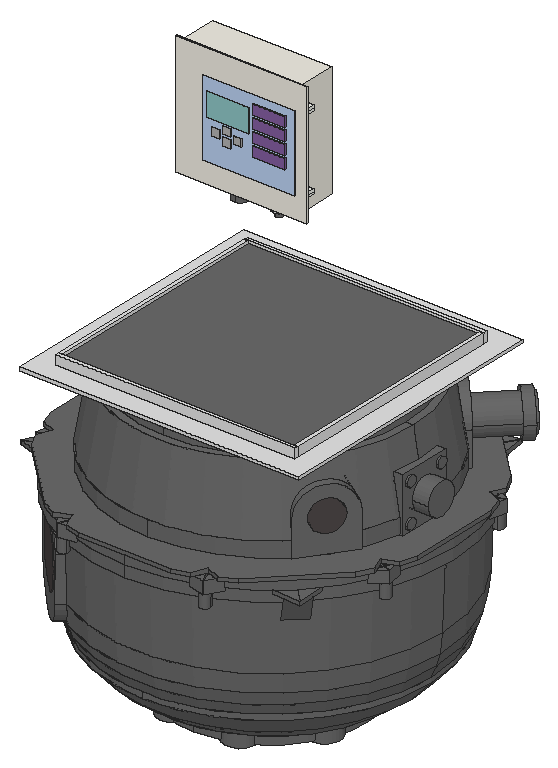
Revit family "280550sc (200)", category Generic Models, Revit 2021
Family settings
  Can host rebar = No
  Round Connector Dimension = Use Diameter
  Part Type = Normal
  Work Plane-Based = No
  Always vertical = Yes
  Cut with Voids When Loaded = No
  Shared = Yes
  Room Calculation Point = No
Parameters (values of type "280550SC")
  SUPPLIER = "KESSEL"
  SA700ID50 = "internal"
  SA700ID49 = "Protection Class I"
  SA700ID48 = "no"
  SA700ID47 = "no"
  SA700ID46 = "yes"
  SA700ID37 = 8000 mm
  SA700ID34 = 12
  SA700ID33 = 0.5 W
  SA700ID32 = 17.31 kg
  SA700ID31 = 1
  SA700ID30 = 1
  SA700ID29 = "RWDR"
  SA700ID21 = 800
  SA700ID10 = "No"
  SA700ID08 = 230 V
  PROCUREWEBLINK = "https://p.caden.as/kessel/280550SC"
  PROCURELINK = "p.caden.as/kessel/280550SC"
  PROCUREDATALASTUPDATE = "2024-05-22T12:17:24.891358475+01:00"
  PRC_SPECIFICATIONLINK = "https://ausschreiben.de/catalog/kessel/catalogItem/4eefd8ba-4729-4e1c-889c-9ef5064ee65a"
  NN = "Lifting station Aqualift S compact"
  NBSYN = "$SA810ID03. ($LODLEVEL.)"
  NB = "280550SC (200)"
  Model = "280550SC"
  Manufacturer = "KESSEL"
  MIdent = "{$CADENAS_DATA/23d-libs/kessel/kessel_vdi_import/4/entwaesserung/hebeanlage20aqualift20s20compact.prj},218 {STYP=ASS},{VTYP=3D},{NB=280550SC (200)},{LINA=280550SC},{NN=Lifting station Aqualift S compact},{DATE=21.11.2022 10:40:35},{GEOMDATE=21.11.2022 10:40:35},{VERSION=},{LINEID=140},{WBVAR=LODLEVEL},{WBNUMERIC=LODLEVEL}  {NB=280550SC (200)},{LINA=280550SC},{KT=DUMMY},{PREVIEW=../../bilder/ksb_w_280550sc.png},{SA700ID04=Hebeanlage Aqualift S Compact, Tronic, GTF 500, resistant, Bodenplatte},{SA810ID06=04026092082669},{SA700ID34=12.00},{SA010ID03=201805},{SA810ID03=280550SC},{SA810ID10=Die steckerfertige Hebeanlage für fäkalienfreies Abwasser ist mit einer überflutbaren Pumpe sowie einem Rückflussverhinderer ausgestattet. Der Sammelbehälter aus dauerhaft beständigem Kunststoff (PE) besitzt einen offenen Pumpenraum. Einhandverschlüsse ermöglichen die einfache Entnahme der integrierten Komponenten. Die Anlage zum Einbau in die Bodenplatte ist vormontiert zur bauseitigen Endmontage.Die Steuerung erfolgt durch ein anwenderfreundliches Schaltgerät, das optional über einen potentialfreien Kontakt in die Gebäudeleittechnik eingebunden werden oder Alarm- und Sammelstörmeldungen über eine GSM-Schnittstelle ausgeben kann.- mit teleskopischem Aufsatzstück für stufenlosen Höhen- und Niveauausgleich und integriertem Bodenablauf- Sammelbehälter aus PE, beständig gegen aggressive Abwässer und 3 m Grundwasser- inklusive Rückflussverhinderer für die Druckleitung- inklusive Stutzen für Zulauf und Kabelleerrohr- Pumpe mit Freistromrad für höchste BetriebssicherheitAusführung:Anlagenart: EinzelanlagePumpensteuerung: SchaltgerätRückflussverhinderer: integriertResistant: beständig gegen salzhaltige Medien, Abwasser aus Enthärtungsanlagen sowie kondensathaltiges Abwasser aus HeizungsanlagenAuslieferungszustand: installationsfertig (Verbindungsteile sind bauseits anzuschließen)Einbausituation: Einbau in die BodenplatteAbwasserart: fäkalienfreiAllgemeine Merkmale:Farbe: schwarzNorm: EN 12050-2Abmessungen:Länge: 617 mmBreite: 585 mmBehälter/Grundkörper:Zulauf Nennweite (DN): 100 mmDruckabgang (DN): 32 mmDruckabgang (DA): 40 mmEinbautiefe: 490 - 620 mmNutzvolumen: 20 lArt der Höhenverstellbarkeit: teleskopisches AufsatzstückAbdeckungsmerkmale:Abdeckungsart: Abdeckplatte mit SchlitzrostAbdeckung Material: KunststoffAbdeckung Farbe: schwarzBelastungsklasse: K 3 (EN 1253-1)Länge: 366 mmBreite: 366 mmVerriegelung: Lock & LiftFreier Kugeldurchgang: 10 mmFördereinrichtung:Pumpe: GTF 500Anzahl Pumpen: 1Förderleistung max.: 10 m3/hFörderhöhe max.: 8 mBetriebsspannung: 230 VNetzfrequenz: 50 HzBetriebsart: S1Leistung P1: 0,6 kWLeistung P2: 0,36 kWDrehzahl: 2.800 U/minErforderliche Absicherung (Leitungsschutz): C 16 AFörderguttemperatur (dauerhaft) max.: 40 °CAnschlusstyp: codierter SteckerLaufrad Typ: FreistromradLänge Netzanschlussleitung Pumpe: 5 mNennstrom: 2,7 ASchutzart Pumpe: IP 68 (3m)Typ Anschlussleitung Pumpe: H07RN-F 3G 1,0 mm2Temperaturüberwachung: integriertSteuerung:Schaltgerät: ComfortBetriebsspannung: 230 VSelbstdiagnosesystem (SDS): jaBatteriepufferung: jaMehrzeilige Displayanzeige: jaLogbuchfunktion: jaUSB-Schnittstelle: jaGSM-Schnittstelle: jaPotentialfreier Kontakt: optionalSchutzart Schaltgerät: IP 54Länge Netzanschlussleitung Schaltgerät: 1,4 mArt Niveauerfassung: pneumatischInstrument Niveauerfassung: TauchrohrAlarmgeber: optische Sonde},{SA700ID37=8.00},{SA700ID33=0.50},{SA700ID08=230},{SA700ID30=1},{SA700ID32=17.31},{SA700ID49=Schutzklasse I},{SA700ID50=intern},{SA200ID03=6},{SA250ID03=vertikal},{SA260ID03=Trockenläuferpumpe},{SA350ID03=normalansaugend},{SA400ID03=E-Motor für Wechselstrom},{SA460ID03=direkt},{SA500ID03=Kunststoff, Edelstahl},{SA700ID06=32},{SA700ID07=100},{SA700ID09=1/N/PE 230V },{SA700ID10=Nein},{SA700ID11=50},{SA700ID12=IP 68},{SA700ID13=F},{SA700ID15=35},{SA700ID21=800.00},{SA700ID22=0.36},{SA700ID23=2800},{SA700ID24=2800},{SA700ID26=2.50},{SA700ID27=6.90},{SA700ID28=durchgehend},{SA700ID29=RWDR},{SA700ID31=1},{SA700ID46=ja},{SA700ID47=nein},{SA700ID48=nein},{SA110ID04=Hebeanlage Aqualift S Compact},{SA300ID03=einstufig},{SA700ID44=10.00},{SA700ID45=10.00},{SA010ID04=KESSEL AG},{LODLEVEL=200},{LINK=https://www.kessel.de/info?han=280550SC},{SA970ID01=970},{SA970ID02=14062},{SA970ID03=280550SC},{SA970ID04=11002617},{SA970ID05=QUAD},{SA970ID06=-326},{SA970ID07=-291.04},{SA970ID08=0},{SA970ID09=1},{SA970ID10=0},{SA970ID11=0},{SA970ID12=0},{SA970ID13=1},{SA970ID14=0},{SA970ID15=617.04},{SA970ID16=582.09},{SA970ID17=488.5},{LODLEVEL_=200,'Low'},{LODLEVEL_DEU=200,'Low'},{LINK_=https://www.kessel.de/info?han=280550SC},{LINK_DEU=https://www.kessel.de/info?han=280550SC},{LODLEVEL_3DB=280550SC_200},{DNIN1=100},{DNIN2=125},{DNIN3=100},{DNIN4=100},{DNOUT1=70},{DNOUT2=32},{ISD1=60},{ISD2=10},{ISD3=10},{SA010ID01=010},{SA010ID02=4},{SA010ID06=www.kessel.de},{SA010ID07=www.kessel.de},{SA010ID12=20180713},{SA010ID13=DEU},{SA010ID14=DE},{SA100ID01=100},{SA100ID02=4},{SA100ID04=Entwässerung},{SA110ID01=110},{SA110ID02=30},{SA200ID01=200},{SA200ID02=6},{SA250ID01=250},{SA250ID02=2},{SA260ID01=260},{SA260ID02=2},{SA300ID01=300},{SA300ID02=1},{SA350ID01=350},{SA350ID02=1},{SA400ID01=400},{SA400ID02=1},{SA460ID01=460},{SA460ID02=1},{SA500ID01=500},{SA500ID02=1},{SA700ID01=700},{SA700ID02=195},{SA700ID10_=0},{SA700ID16=0},{SA700ID25=0},{SA700ID46_=1},{SA700ID47_=0},{SA700ID48_=0},{SA700ID49_=1},{SA700ID50_=2},{SA800ID01=800},{SA800ID02=10},{SA810ID01=810},{SA810ID02=195},{SA810ID04=280550SC},{SA810ID07=195},{SA810ID09=1},{SA810ID14=PCE},{SA810ID15=1},{SA810ID16=NMP},{SA960ID03=195},{SA960ID04=3L},{SA960ID08=https://www.kessel.de/info?han=280550SC},{SA010ID08=4026092000007},{SA100ID05=Hebeanlage},{SA110ID06=Hebeanlage}"
  LINK = "https://www.kessel.de/info?han=280550SC"
  LINA = "280550SC"
  Default Elevation = 0 mm
  CREATOR = "CADENAS GmbH"
  CATALOG = "KESSEL"
  BOMINFO = "LINA"
  ARTICLENO = "NB"
  4.810.00.9 Order quantity (multiplicator) = "1"
  4.810.00.7 Media- connection number = "195"
  4.810.00.6 GTIN number = "04026092082669"
  4.810.00.4 DATANORM number = "280550SC"
  4.810.00.3 Producer order number = "280550SC"
  4.710.03.7 Mass (net) = 17.31 kg
  4.710.03.6 Height = 490 mm
  4.710.03.5 Width = 580 mm
  4.710.03.4 Length = 620 mm
  4.710.03.3 Type of dimensions = "2"
  4.710.02.8 Area of application of wastewater pump = "2"
  4.710.02.6 Duty type = "S1"
  4.710.02.5 Cutting device = "0"
  4.710.02.4 Attached pump control = "1"
  4.710.02.3 Free passage = 10 mm
  4.710.01.6 Option to connect to building automation = "10"
  4.710.01.5 Load regulation = "0"
  4.710.01.4 Designation of closed-loop control = "20"
  4.700.00.9 Voltage = 0
  4.700.00.8 Nominal connection size on suction side = "100"
  4.700.00.7 Nominal connection size on pressure side = "100"
  4.700.00.6 Type of connection = "32"
  4.700.00.4 Product indentification = "Hebeanlage Aqualift S Compact, Tronic, GTF 500, resistant, Bodenplatte"
  4.700.00.28 Motor pump shaft = "durchgehend"
  4.700.00.27 Starting current = 6.9
  4.700.00.26 Maximum power consumption per pump / drive = 2.5
  4.700.00.25 Minimum speed at internal speed adjustment = 0
  4.700.00.24 Nominal speed / maximum speed n = 46.6667
  4.700.00.23 Nominal speed of motor = 46.6667
  4.700.00.22 Maximum shaft output (P2) per pump/drive = 0.36 W
  4.700.00.16 Maximum temperature of pumped medium = 0 °C
  4.700.00.15 Increased safety class = "35 °C"
  4.700.00.13 Type of protection = "F"
  4.700.00.12 Frequency = 0
  4.700.00.11 Stern-/Dreieck-Anlaufschaltung bei Dreiphasenanschluss oder Drehstrom = "50 Hz"
  4.700.00.10 Phase = "0"
  4.500.00.3 Variant / Variant type / Accessories-name = "Kunststoff, Edelstahl"
  4.460.00.3 Variant / Variant type / Accessories-name = "direkt"
  4.400.00.3 Variant / Variant type / Accessories-name = "E-Motor für Wechselstrom"
  4.350.00.3 Variant / Variant type / Accessories-name = "normalansaugend"
  4.300.00.3 Variant / Variant type / Accessories-name = "einstufig"
  4.260.00.3 Variant / Variant type / Accessories-name = "Trockenläuferpumpe"
  4.250.00.3 Variant / Variant type / Accessories-name = "vertikal"
  4.200.00.3 Variant / Variant type / Accessories-name = "6"
  4.110.00.6 Product classification = "Hebeanlage"
  4.110.00.4 Product indentification = "Hebeanlage Aqualift S Compact"
  4.100.00.5 Main groups of wares = "Hebeanlage"
  4.100.00.4 Product indentification = "Entwässerung"
  4.010.00.8 Producer ID number = "4026092000007"
  4.010.00.7 Comment = "www.kessel.de"
  4.010.00.6 Web address of the manufacturer = "www.kessel.de"
  4.010.00.4 Manufacturer name = "KESSEL AG"
  4.010.00.3 Date of issuance (month) of guideline = "201805"
  4.010.00.2 Sheet number of the guideline = "4"
  4.010.00.14 Kennungen der Projektländer, für die die Datei gültig ist = "DE"
  4.010.00.13 Sprache der Datei = "DEU"
  4.010.00.12 Stand des Herstellerkatalogs = "20180713"
Reference planes
  plane 1 "Center (Front/Back)": y = 0
  plane 2: z = 0
  plane 3 "Center (Left/Right)": x = 0
Forms (mm)
  Extrusion 1, void
    sketch origin (-161, 217, 518.2) x (0, 1, 0) y (-1, 0, 0)
      loop
        line (-0.5, -0.5) -> (0.5, -0.5) -> (0.5, 0.5) -> (-0.5, 0.5) -> (-0.5, -0.5)
    from 0 to 1
  Extrusion 2, void
    sketch origin (-197.283, 197.283, 209) x (-0.707107, -0.707107, 0) y (0, 0, -1)
      loop
        line (-0.5, -0.5) -> (0.5, -0.5) -> (0.5, 0.5) -> (-0.5, 0.5) -> (-0.5, -0.5)
    from 0 to 1
  Extrusion 3, void
    sketch origin (-197.283, -197.283, 209) x (0.707107, -0.707107, 0) y (0, 0, -1)
      loop
        line (-0.5, -0.5) -> (0.5, -0.5) -> (0.5, 0.5) -> (-0.5, 0.5) -> (-0.5, -0.5)
    from 0 to 1
  Extrusion 4, void
    sketch origin (-247, 0, 370) x (0, -1, 0) y (0, 0, -1)
      loop
        line (-0.5, -0.5) -> (0.5, -0.5) -> (0.5, 0.5) -> (-0.5, 0.5) -> (-0.5, -0.5)
    from 0 to 1
  Extrusion 5, void
    sketch origin (242.226, 228.084, 376) x (-0.707107, 0.707107, 0) y (0, 0, -1)
      loop
        line (-0.5, -0.5) -> (0.5, -0.5) -> (0.5, 0.5) -> (-0.5, 0.5) -> (-0.5, -0.5)
    from 0 to 1
  Extrusion 6, void
    sketch origin (242.226, 228.084, 364) x (-0.707107, 0.707107, 0) y (0, 0, -1)
      loop
        line (-0.5, -0.5) -> (0.5, -0.5) -> (0.5, 0.5) -> (-0.5, 0.5) -> (-0.5, -0.5)
    from 0 to 1
  Extrusion 7, void
    sketch origin (228.084, 242.226, 376) x (-0.707107, 0.707107, 0) y (0, 0, -1)
      loop
        line (-0.5, -0.5) -> (0.5, -0.5) -> (0.5, 0.5) -> (-0.5, 0.5) -> (-0.5, -0.5)
    from 0 to 1
  Extrusion 8, void
    sketch origin (228.084, 242.226, 364) x (-0.707107, 0.707107, 0) y (0, 0, -1)
      loop
        line (-0.5, -0.5) -> (0.5, -0.5) -> (0.5, 0.5) -> (-0.5, 0.5) -> (-0.5, -0.5)
    from 0 to 1
Dimensions and locks
  locked: plane 2 to Extrusion 1 at 519.2
  locked: plane 2 to Extrusion 1 at 518.2
  locked: plane 2 to Extrusion 2 at 208.5
  locked: plane 2 to Extrusion 2 at 209.5
  locked: plane 2 to Extrusion 3 at 208.5
  locked: plane 2 to Extrusion 3 at 209.5
  locked: plane 2 to Extrusion 4 at 369.5
  locked: plane 2 to Extrusion 4 at 370.5
  locked: plane 2 to Extrusion 5 at 375.5
  locked: plane 2 to Extrusion 5 at 376.5
  locked: plane 2 to Extrusion 6 at 363.5
  locked: plane 2 to Extrusion 6 at 364.5
  locked: plane 2 to Extrusion 7 at 375.5
  locked: plane 2 to Extrusion 7 at 376.5
  locked: plane 2 to Extrusion 8 at 363.5
  locked: plane 2 to Extrusion 8 at 364.5
  aligned and locked: level to plane 2
Nested families
  nested 1: "280550sc (200)_content" at (0, 0, 0), type "280550SC (200)_Content"
  nested 2: "280550sc (200)_part1_X0Y0" at (-194, 244.5, 558), type "280550SC_PART1_X0Y0"
  nested 3: "280550sc (200)_part2_X0Y0" at (0, 0, 0), type "280550SC_PART2_X0Y0"
Connectors
  electrical at (-257.5, 217, 524.5)
    settings: on nested 2, index 1, voltage 0 V, apparent load 0 VA, apparent load phase1 0 VA, apparent load phase2 0 VA, apparent load phase3 0 VA, power factor 1, load classification "Other", number of poles 1, system type 31, power factor state 1, is connector primary yes, connector utility no, sub classification motor no, connector description ""
  electrical at (-223, 217, 521)
    settings: on nested 2, index 2, voltage 0 V, apparent load 0 VA, apparent load phase1 0 VA, apparent load phase2 0 VA, apparent load phase3 0 VA, power factor 1, load classification "Other", number of poles 1, system type 31, power factor state 1, is connector primary no, connector utility no, sub classification motor no, connector description ""
  electrical at (-189, 217, 530.9)
    settings: on nested 2, index 3, voltage 0 V, apparent load 0 VA, apparent load phase1 0 VA, apparent load phase2 0 VA, apparent load phase3 0 VA, power factor 1, load classification "Other", number of poles 1, system type 31, power factor state 1, is connector primary no, connector utility no, sub classification motor no, connector description ""
  electrical at (-161, 217, 518.2)
    settings: on Extrusion 1, index 4, voltage 0 V, apparent load 0 VA, apparent load phase1 0 VA, apparent load phase2 0 VA, apparent load phase3 0 VA, power factor 1, load classification "Other", number of poles 1, system type 31, power factor state 1, is connector primary no, connector utility no, sub classification motor no, connector description ""
  electrical at (-136.5, 217, 557.2)
    settings: on nested 2, index 5, voltage 0 V, apparent load 0 VA, apparent load phase1 0 VA, apparent load phase2 0 VA, apparent load phase3 0 VA, power factor 1, load classification "Other", number of poles 1, system type 31, power factor state 1, is connector primary no, connector utility no, sub classification motor no, connector description ""
  electrical at (-114.5, 217, 557.2)
    settings: on nested 2, index 6, voltage 0 V, apparent load 0 VA, apparent load phase1 0 VA, apparent load phase2 0 VA, apparent load phase3 0 VA, power factor 1, load classification "Other", number of poles 1, system type 31, power factor state 1, is connector primary no, connector utility no, sub classification motor no, connector description ""
  piping at (-326, 0, 209), diameter 125
    settings: on nested 3, index 7, connector inside diameter 609.6 mm, connector length 0 mm, flow factor 0, pipe flow 0.0 L/s, pressure drop 0.0 Pa, fitting loss kfactor 0, connector angle 0.00°, fixture units 0, engagement length 0 mm, angle of deflection 0.00°, flow configuration 0, flow direction 1, fitting loss method 2, system type 29, joint type 0, gender type 0, connector reference index -1, connector utility 0, adjustable connector no, is connector primary yes, connector description ""
  piping at (-197.283, 197.283, 209), diameter 100
    settings: on Extrusion 2, index 8, connector inside diameter 609.6 mm, connector length 0 mm, flow factor 0, pipe flow 0.0 L/s, pressure drop 0.0 Pa, fitting loss kfactor 0, connector angle 0.00°, fixture units 0, engagement length 0 mm, angle of deflection 0.00°, flow configuration 0, flow direction 0, fitting loss method 2, system type 29, joint type 0, gender type 0, connector reference index -1, connector utility 0, adjustable connector no, is connector primary no, connector description ""
  piping at (-197.283, -197.283, 209), diameter 100
    settings: on Extrusion 3, index 9, connector inside diameter 609.6 mm, connector length 0 mm, flow factor 0, pipe flow 0.0 L/s, pressure drop 0.0 Pa, fitting loss kfactor 0, connector angle 0.00°, fixture units 0, engagement length 0 mm, angle of deflection 0.00°, flow configuration 0, flow direction 0, fitting loss method 2, system type 29, joint type 0, gender type 0, connector reference index -1, connector utility 0, adjustable connector no, is connector primary no, connector description ""
  piping at (-247, 0, 370), diameter 70
    settings: on Extrusion 4, index 10, connector inside diameter 609.6 mm, connector length 0 mm, flow factor 0, pipe flow 0.0 L/s, pressure drop 0.0 Pa, fitting loss kfactor 0, connector angle 0.00°, fixture units 0, engagement length 0 mm, angle of deflection 0.00°, flow configuration 0, flow direction 0, fitting loss method 2, system type 29, joint type 0, gender type 0, connector reference index -1, connector utility 0, adjustable connector no, is connector primary no, connector description ""
  piping at (272.5, -3, 363.25), diameter 32
    settings: on nested 3, index 11, connector inside diameter 609.6 mm, connector length 0 mm, flow factor 0, pipe flow 0.0 L/s, pressure drop 0.0 Pa, fitting loss kfactor 0, connector angle 0.00°, fixture units 0, engagement length 0 mm, angle of deflection 0.00°, flow configuration 0, flow direction 2, fitting loss method 2, system type 29, joint type 0, gender type 0, connector reference index -1, connector utility 0, adjustable connector no, is connector primary no, connector description ""
  electrical at (242.226, 228.084, 376)
    settings: on Extrusion 5, index 12, voltage 0 V, apparent load 0 VA, apparent load phase1 0 VA, apparent load phase2 0 VA, apparent load phase3 0 VA, power factor 1, load classification "Other", number of poles 1, system type 31, power factor state 1, is connector primary no, connector utility no, sub classification motor no, connector description ""
  electrical at (242.226, 228.084, 364)
    settings: on Extrusion 6, index 13, voltage 0 V, apparent load 0 VA, apparent load phase1 0 VA, apparent load phase2 0 VA, apparent load phase3 0 VA, power factor 1, load classification "Other", number of poles 1, system type 31, power factor state 1, is connector primary no, connector utility no, sub classification motor no, connector description ""
  electrical at (228.084, 242.226, 376)
    settings: on Extrusion 7, index 14, voltage 0 V, apparent load 0 VA, apparent load phase1 0 VA, apparent load phase2 0 VA, apparent load phase3 0 VA, power factor 1, load classification "Other", number of poles 1, system type 31, power factor state 1, is connector primary no, connector utility no, sub classification motor no, connector description ""
  electrical at (228.084, 242.226, 364)
    settings: on Extrusion 8, index 15, voltage 0 V, apparent load 0 VA, apparent load phase1 0 VA, apparent load phase2 0 VA, apparent load phase3 0 VA, power factor 1, load classification "Other", number of poles 1, system type 31, power factor state 1, is connector primary no, connector utility no, sub classification motor no, connector description ""
Definition of nested family "280550sc (200)_part1_X0Y0"
  Parameters (values of type "280550SC_PART1_X0Y0")
    SUPPLIER = "KESSEL"
    SA700ID50 = "internal"
    SA700ID49 = "Protection Class I"
    SA700ID48 = "no"
    SA700ID47 = "no"
    SA700ID46 = "yes"
    SA700ID37 = 8000 mm
    SA700ID34 = 12
    SA700ID33 = 0.5 W
    SA700ID32 = 17.31 kg
    SA700ID31 = 1
    SA700ID30 = 1
    SA700ID29 = "RWDR"
    SA700ID21 = 800
    SA700ID10 = "No"
    SA700ID08 = 230 V
    NBSYN = "$SA810ID03. ($LODLEVEL.)_PART1"
    NB = "280550SC (200)_PART1"
    Model = "280550SC_PART1"
    Manufacturer = "KESSEL"
    MIdent = "{$CADENAS_DATA/23d-libs/kessel/kessel_vdi_import/4/entwaesserung/hebeanlage20aqualift20s20compact.prj},238 {VTYP=3D},{NB=280550SC (200)_PART1},{LINA=280550SC_PART1},{NN=Lifting station Aqualift S compact_PART1},{NOPRJ=TRUE},{DATE=21.11.2022 10:40:35},{GEOMDATE=21.11.2022 10:40:35},{VERSION=},{LINEID=140},{WBVAR=LODLEVEL},{WBNUMERIC=LODLEVEL}  {NB=280550SC (200)_PART1},{LINA=280550SC_PART1},{KT=DUMMY},{PREVIEW=../../bilder/ksb_w_280550sc.png},{SA700ID04=Hebeanlage Aqualift S Compact, Tronic, GTF 500, resistant, Bodenplatte},{SA810ID06=04026092082669},{SA700ID34=12.00},{SA010ID03=201805},{SA810ID03=280550SC},{SA810ID10=Die steckerfertige Hebeanlage für fäkalienfreies Abwasser ist mit einer überflutbaren Pumpe sowie einem Rückflussverhinderer ausgestattet. Der Sammelbehälter aus dauerhaft beständigem Kunststoff (PE) besitzt einen offenen Pumpenraum. Einhandverschlüsse ermöglichen die einfache Entnahme der integrierten Komponenten. Die Anlage zum Einbau in die Bodenplatte ist vormontiert zur bauseitigen Endmontage.Die Steuerung erfolgt durch ein anwenderfreundliches Schaltgerät, das optional über einen potentialfreien Kontakt in die Gebäudeleittechnik eingebunden werden oder Alarm- und Sammelstörmeldungen über eine GSM-Schnittstelle ausgeben kann.- mit teleskopischem Aufsatzstück für stufenlosen Höhen- und Niveauausgleich und integriertem Bodenablauf- Sammelbehälter aus PE, beständig gegen aggressive Abwässer und 3 m Grundwasser- inklusive Rückflussverhinderer für die Druckleitung- inklusive Stutzen für Zulauf und Kabelleerrohr- Pumpe mit Freistromrad für höchste BetriebssicherheitAusführung:Anlagenart: EinzelanlagePumpensteuerung: SchaltgerätRückflussverhinderer: integriertResistant: beständig gegen salzhaltige Medien, Abwasser aus Enthärtungsanlagen sowie kondensathaltiges Abwasser aus HeizungsanlagenAuslieferungszustand: installationsfertig (Verbindungsteile sind bauseits anzuschließen)Einbausituation: Einbau in die BodenplatteAbwasserart: fäkalienfreiAllgemeine Merkmale:Farbe: schwarzNorm: EN 12050-2Abmessungen:Länge: 617 mmBreite: 585 mmBehälter/Grundkörper:Zulauf Nennweite (DN): 100 mmDruckabgang (DN): 32 mmDruckabgang (DA): 40 mmEinbautiefe: 490 - 620 mmNutzvolumen: 20 lArt der Höhenverstellbarkeit: teleskopisches AufsatzstückAbdeckungsmerkmale:Abdeckungsart: Abdeckplatte mit SchlitzrostAbdeckung Material: KunststoffAbdeckung Farbe: schwarzBelastungsklasse: K 3 (EN 1253-1)Länge: 366 mmBreite: 366 mmVerriegelung: Lock & LiftFreier Kugeldurchgang: 10 mmFördereinrichtung:Pumpe: GTF 500Anzahl Pumpen: 1Förderleistung max.: 10 m3/hFörderhöhe max.: 8 mBetriebsspannung: 230 VNetzfrequenz: 50 HzBetriebsart: S1Leistung P1: 0,6 kWLeistung P2: 0,36 kWDrehzahl: 2.800 U/minErforderliche Absicherung (Leitungsschutz): C 16 AFörderguttemperatur (dauerhaft) max.: 40 °CAnschlusstyp: codierter SteckerLaufrad Typ: FreistromradLänge Netzanschlussleitung Pumpe: 5 mNennstrom: 2,7 ASchutzart Pumpe: IP 68 (3m)Typ Anschlussleitung Pumpe: H07RN-F 3G 1,0 mm2Temperaturüberwachung: integriertSteuerung:Schaltgerät: ComfortBetriebsspannung: 230 VSelbstdiagnosesystem (SDS): jaBatteriepufferung: jaMehrzeilige Displayanzeige: jaLogbuchfunktion: jaUSB-Schnittstelle: jaGSM-Schnittstelle: jaPotentialfreier Kontakt: optionalSchutzart Schaltgerät: IP 54Länge Netzanschlussleitung Schaltgerät: 1,4 mArt Niveauerfassung: pneumatischInstrument Niveauerfassung: TauchrohrAlarmgeber: optische Sonde},{SA700ID37=8.00},{SA700ID33=0.50},{SA700ID08=230},{SA700ID30=1},{SA700ID32=17.31},{SA700ID49=Schutzklasse I},{SA700ID50=intern},{SA200ID03=6},{SA250ID03=vertikal},{SA260ID03=Trockenläuferpumpe},{SA350ID03=normalansaugend},{SA400ID03=E-Motor für Wechselstrom},{SA460ID03=direkt},{SA500ID03=Kunststoff, Edelstahl},{SA700ID06=32},{SA700ID07=100},{SA700ID09=1/N/PE 230V },{SA700ID10=Nein},{SA700ID11=50},{SA700ID12=IP 68},{SA700ID13=F},{SA700ID15=35},{SA700ID21=800.00},{SA700ID22=0.36},{SA700ID23=2800},{SA700ID24=2800},{SA700ID26=2.50},{SA700ID27=6.90},{SA700ID28=durchgehend},{SA700ID29=RWDR},{SA700ID31=1},{SA700ID46=ja},{SA700ID47=nein},{SA700ID48=nein},{SA110ID04=Hebeanlage Aqualift S Compact},{SA300ID03=einstufig},{SA700ID44=10.00},{SA700ID45=10.00},{SA010ID04=KESSEL AG},{LODLEVEL=200},{LINK=https://www.kessel.de/info?han=280550SC},{SA970ID01=970},{SA970ID02=14062},{SA970ID03=280550SC},{SA970ID04=11002617},{SA970ID05=QUAD},{SA970ID06=-326},{SA970ID07=-291.04},{SA970ID08=0},{SA970ID09=1},{SA970ID10=0},{SA970ID11=0},{SA970ID12=0},{SA970ID13=1},{SA970ID14=0},{SA970ID15=617.04},{SA970ID16=582.09},{SA970ID17=488.5},{LODLEVEL_=200,'Low'},{LODLEVEL_DEU=200,'Low'},{LINK_=https://www.kessel.de/info?han=280550SC},{LINK_DEU=https://www.kessel.de/info?han=280550SC},{LODLEVEL_3DB=280550SC_200},{DNIN1=100},{DNIN2=125},{DNIN3=100},{DNIN4=100},{DNOUT1=70},{DNOUT2=32},{ISD1=60},{ISD2=10},{ISD3=10},{SA010ID01=010},{SA010ID02=4},{SA010ID06=www.kessel.de},{SA010ID07=www.kessel.de},{SA010ID12=20180713},{SA010ID13=DEU},{SA010ID14=DE},{SA100ID01=100},{SA100ID02=4},{SA100ID04=Entwässerung},{SA110ID01=110},{SA110ID02=30},{SA200ID01=200},{SA200ID02=6},{SA250ID01=250},{SA250ID02=2},{SA260ID01=260},{SA260ID02=2},{SA300ID01=300},{SA300ID02=1},{SA350ID01=350},{SA350ID02=1},{SA400ID01=400},{SA400ID02=1},{SA460ID01=460},{SA460ID02=1},{SA500ID01=500},{SA500ID02=1},{SA700ID01=700},{SA700ID02=195},{SA700ID10_=0},{SA700ID16=0},{SA700ID25=0},{SA700ID46_=1},{SA700ID47_=0},{SA700ID48_=0},{SA700ID49_=1},{SA700ID50_=2},{SA800ID01=800},{SA800ID02=10},{SA810ID01=810},{SA810ID02=195},{SA810ID04=280550SC},{SA810ID07=195},{SA810ID09=1},{SA810ID14=PCE},{SA810ID15=1},{SA810ID16=NMP},{SA960ID03=195},{SA960ID04=3L},{SA960ID08=https://www.kessel.de/info?han=280550SC},{SA010ID08=4026092000007},{SA100ID05=Hebeanlage},{SA110ID06=Hebeanlage}"
    LINK = "https://www.kessel.de/info?han=280550SC"
    LINA = "280550SC_PART1"
    Default Elevation = 1219.2 mm
    CREATOR = "CADENAS GmbH"
    CATALOG = "KESSEL"
    BOMINFO = "LINA"
    ARTICLENO = "NB"
    4.810.00.9 Order quantity (multiplicator) = "1"
    4.810.00.7 Media- connection number = "195"
    4.810.00.6 GTIN number = "04026092082669"
    4.810.00.4 DATANORM number = "280550SC"
    4.810.00.3 Producer order number = "280550SC"
    4.710.03.7 Mass (net) = 17.31 kg
    4.710.03.6 Height = 490 mm
    4.710.03.5 Width = 580 mm
    4.710.03.4 Length = 620 mm
    4.710.03.3 Type of dimensions = "2"
    4.710.02.8 Area of application of wastewater pump = "2"
    4.710.02.6 Duty type = "S1"
    4.710.02.5 Cutting device = "0"
    4.710.02.4 Attached pump control = "1"
    4.710.02.3 Free passage = 10 mm
    4.710.01.6 Option to connect to building automation = "10"
    4.710.01.5 Load regulation = "0"
    4.710.01.4 Designation of closed-loop control = "20"
    4.700.00.9 Voltage = 0
    4.700.00.8 Nominal connection size on suction side = "100"
    4.700.00.7 Nominal connection size on pressure side = "100"
    4.700.00.6 Type of connection = "32"
    4.700.00.4 Product indentification = "Hebeanlage Aqualift S Compact, Tronic, GTF 500, resistant, Bodenplatte"
    4.700.00.28 Motor pump shaft = "durchgehend"
    4.700.00.27 Starting current = 6.9
    4.700.00.26 Maximum power consumption per pump / drive = 2.5
    4.700.00.25 Minimum speed at internal speed adjustment = 0
    4.700.00.24 Nominal speed / maximum speed n = 46.6667
    4.700.00.23 Nominal speed of motor = 46.6667
    4.700.00.22 Maximum shaft output (P2) per pump/drive = 0.36 W
    4.700.00.16 Maximum temperature of pumped medium = 0 °C
    4.700.00.15 Increased safety class = "35 °C"
    4.700.00.13 Type of protection = "F"
    4.700.00.12 Frequency = 0
    4.700.00.11 Stern-/Dreieck-Anlaufschaltung bei Dreiphasenanschluss oder Drehstrom = "50 Hz"
    4.700.00.10 Phase = "0"
    4.500.00.3 Variant / Variant type / Accessories-name = "Kunststoff, Edelstahl"
    4.460.00.3 Variant / Variant type / Accessories-name = "direkt"
    4.400.00.3 Variant / Variant type / Accessories-name = "E-Motor für Wechselstrom"
    4.350.00.3 Variant / Variant type / Accessories-name = "normalansaugend"
    4.300.00.3 Variant / Variant type / Accessories-name = "einstufig"
    4.260.00.3 Variant / Variant type / Accessories-name = "Trockenläuferpumpe"
    4.250.00.3 Variant / Variant type / Accessories-name = "vertikal"
    4.200.00.3 Variant / Variant type / Accessories-name = "6"
    4.110.00.6 Product classification = "Hebeanlage"
    4.110.00.4 Product indentification = "Hebeanlage Aqualift S Compact"
    4.100.00.5 Main groups of wares = "Hebeanlage"
    4.100.00.4 Product indentification = "Entwässerung"
    4.010.00.8 Producer ID number = "4026092000007"
    4.010.00.7 Comment = "www.kessel.de"
    4.010.00.6 Web address of the manufacturer = "www.kessel.de"
    4.010.00.4 Manufacturer name = "KESSEL AG"
    4.010.00.3 Date of issuance (month) of guideline = "201805"
    4.010.00.2 Sheet number of the guideline = "4"
    4.010.00.14 Kennungen der Projektländer, für die die Datei gültig ist = "DE"
    4.010.00.13 Sprache der Datei = "DEU"
    4.010.00.12 Stand des Herstellerkatalogs = "20180713"
  Reference planes
    plane 1 "Center (Front/Back)": y = 0
    plane 2: z = 0
    plane 3 "Center (Left/Right)": x = 0
  Dimensions and locks
    aligned and locked: level to plane 2
  Nested families
    nested 1: "280550sc (200)_part1_content" at (0, 0, 0), type "280550SC (200)_PART1_Content"
  Definition of nested family "280550sc (200)_part1_content"
    Parameters (values of type "280550SC (200)_PART1_Content")
      SUPPLIER = "KESSEL"
      SA700ID50 = "internal"
      SA700ID49 = "Protection Class I"
      SA700ID48 = "no"
      SA700ID47 = "no"
      SA700ID46 = "yes"
      SA700ID37 = 8000 mm
      SA700ID34 = 12
      SA700ID33 = 0.5 W
      SA700ID32 = 17.31 kg
      SA700ID31 = 1
      SA700ID30 = 1
      SA700ID29 = "RWDR"
      SA700ID21 = 800
      SA700ID10 = "No"
      SA700ID08 = 230 V
      NBSYN = "$SA810ID03. ($LODLEVEL.)_PART1"
      NB = "280550SC (200)_PART1"
      Model = "280550SC_PART1"
      Manufacturer = "KESSEL"
      LINK = "https://www.kessel.de/info?han=280550SC"
      LINA = "280550SC_PART1"
      Default Elevation = 1219.2 mm
      CREATOR = "CADENAS GmbH"
      CATALOG = "KESSEL"
      BOMINFO = "LINA"
      ARTICLENO = "NB"
      4.810.00.9 Order quantity (multiplicator) = "1"
      4.810.00.7 Media- connection number = "195"
      4.810.00.6 GTIN number = "04026092082669"
      4.810.00.4 DATANORM number = "280550SC"
      4.810.00.3 Producer order number = "280550SC"
      4.710.03.7 Mass (net) = 17.31 kg
      4.710.03.6 Height = 490 mm
      4.710.03.5 Width = 580 mm
      4.710.03.4 Length = 620 mm
      4.710.03.3 Type of dimensions = "2"
      4.710.02.8 Area of application of wastewater pump = "2"
      4.710.02.6 Duty type = "S1"
      4.710.02.5 Cutting device = "0"
      4.710.02.4 Attached pump control = "1"
      4.710.02.3 Free passage = 10 mm
      4.710.01.6 Option to connect to building automation = "10"
      4.710.01.5 Load regulation = "0"
      4.710.01.4 Designation of closed-loop control = "20"
      4.700.00.9 Voltage = 0
      4.700.00.8 Nominal connection size on suction side = "100"
      4.700.00.7 Nominal connection size on pressure side = "100"
      4.700.00.6 Type of connection = "32"
      4.700.00.4 Product indentification = "Hebeanlage Aqualift S Compact, Tronic, GTF 500, resistant, Bodenplatte"
      4.700.00.28 Motor pump shaft = "durchgehend"
      4.700.00.27 Starting current = 6.9
      4.700.00.26 Maximum power consumption per pump / drive = 2.5
      4.700.00.25 Minimum speed at internal speed adjustment = 0
      4.700.00.24 Nominal speed / maximum speed n = 46.6667
      4.700.00.23 Nominal speed of motor = 46.6667
      4.700.00.22 Maximum shaft output (P2) per pump/drive = 0.36 W
      4.700.00.16 Maximum temperature of pumped medium = 0 °C
      4.700.00.15 Increased safety class = "35 °C"
      4.700.00.13 Type of protection = "F"
      4.700.00.12 Frequency = 0
      4.700.00.11 Stern-/Dreieck-Anlaufschaltung bei Dreiphasenanschluss oder Drehstrom = "50 Hz"
      4.700.00.10 Phase = "0"
      4.500.00.3 Variant / Variant type / Accessories-name = "Kunststoff, Edelstahl"
      4.460.00.3 Variant / Variant type / Accessories-name = "direkt"
      4.400.00.3 Variant / Variant type / Accessories-name = "E-Motor für Wechselstrom"
      4.350.00.3 Variant / Variant type / Accessories-name = "normalansaugend"
      4.300.00.3 Variant / Variant type / Accessories-name = "einstufig"
      4.260.00.3 Variant / Variant type / Accessories-name = "Trockenläuferpumpe"
      4.250.00.3 Variant / Variant type / Accessories-name = "vertikal"
      4.200.00.3 Variant / Variant type / Accessories-name = "6"
      4.110.00.6 Product classification = "Hebeanlage"
      4.110.00.4 Product indentification = "Hebeanlage Aqualift S Compact"
      4.100.00.5 Main groups of wares = "Hebeanlage"
      4.100.00.4 Product indentification = "Entwässerung"
      4.010.00.8 Producer ID number = "4026092000007"
      4.010.00.7 Comment = "www.kessel.de"
      4.010.00.6 Web address of the manufacturer = "www.kessel.de"
      4.010.00.4 Manufacturer name = "KESSEL AG"
      4.010.00.3 Date of issuance (month) of guideline = "201805"
      4.010.00.2 Sheet number of the guideline = "4"
      4.010.00.14 Kennungen der Projektländer, für die die Datei gültig ist = "DE"
      4.010.00.13 Sprache der Datei = "DEU"
      4.010.00.12 Stand des Herstellerkatalogs = "20180713"
    Reference planes
      plane 1 "Center (Front/Back)": y = 0
      plane 2: z = 0
      plane 3 "Center (Left/Right)": x = 0
    Forms (mm)
      Extrusion 1, solid, detail levels medium+fine
        sketch origin (94.5, 0, 0) x (0, -1, 0) y (0, 0, 1)
          loop
            line (0, 181) -> (0, 0) -> (66, 0) -> (66, 181) -> (0, 181)
        from 0 to 189
      Extrusion 2, solid, detail levels medium+fine
        sketch origin (108.5, -66, -7) x (0, -1, 0) y (0, 0, 1)
          loop
            line (0, 194) -> (0, 0) -> (2, 0) -> (2, 194) -> (0, 194)
        from 0 to 208
      Extrusion 3, solid, detail levels medium+fine
        sketch origin (90, -68, 26.5) x (0, -1, 0) y (0, 0, 1)
          loop
            line (-1.25, 120) -> (-1.25, 0) -> (0.25, 0) -> (0.25, 120) -> (-1.25, 120)
        from 0 to 146
      Extrusion 4, solid, detail levels medium+fine
        sketch origin (5.5, -68.25, 66) x (0, -1, 0) y (0, 0, 1)
          loop
            line (-1, 12) -> (-1, 0) -> (0.5, 0) -> (0.5, 12) -> (-1, 12)
        from 0 to 12
      Extrusion 5, solid, detail levels medium+fine
        sketch origin (76.25, -68.25, 79) x (0, -1, 0) y (0, 0, 1)
          loop
            line (0, 16) -> (0, 0) -> (1.75, 0) -> (1.75, 16) -> (0, 16)
        from 0 to 51
      Extrusion 6, solid, detail levels medium+fine
        sketch origin (-11.75, -68.25, 74) x (0, -1, 0) y (0, 0, 1)
          loop
            line (-1, 12) -> (-1, 0) -> (0.5, 0) -> (0.5, 12) -> (-1, 12)
        from 0 to 12
      Extrusion 7, solid, detail levels medium+fine
        sketch origin (76.25, -68.25, 59) x (0, -1, 0) y (0, 0, 1)
          loop
            line (0, 16) -> (0, 0) -> (1.75, 0) -> (1.75, 16) -> (0, 16)
        from 0 to 51
      Extrusion 8, solid, detail levels medium+fine
        sketch origin (17.4, -68.25, 89.5) x (0, -1, 0) y (0, 0, 1)
          loop
            line (-1, 37) -> (-1, 0) -> (0.5, 0) -> (0.5, 37) -> (-1, 37)
        from 0 to 66
      Extrusion 9, solid, detail levels medium+fine
        sketch origin (76.25, -68.25, 99) x (0, -1, 0) y (0, 0, 1)
          loop
            line (0, 16) -> (0, 0) -> (1.75, 0) -> (1.75, 16) -> (0, 16)
        from 0 to 51
      Extrusion 10, solid, detail levels medium+fine
        sketch origin (-11.75, -68.25, 57.5) x (0, -1, 0) y (0, 0, 1)
          loop
            line (-1, 12) -> (-1, 0) -> (0.5, 0) -> (0.5, 12) -> (-1, 12)
        from 0 to 12
      Extrusion 11, solid, detail levels medium+fine
        sketch origin (76.25, -68.25, 119) x (0, -1, 0) y (0, 0, 1)
          loop
            line (0, 16) -> (0, 0) -> (1.75, 0) -> (1.75, 16) -> (0, 16)
        from 0 to 51
      Extrusion 12, solid, detail levels medium+fine
        sketch origin (-29, -68.25, 66) x (0, -1, 0) y (0, 0, 1)
          loop
            line (-1, 12) -> (-1, 0) -> (0.5, 0) -> (0.5, 12) -> (-1, 12)
        from 0 to 12
      Extrusion 13, solid, detail levels medium+fine
        sketch origin (5, -27.5, 0) x (1, 0, 0) y (0, -1, 0)
          loop
            circle (0, 0) r 11
        from 0 to 17.3
      Extrusion 14, solid, detail levels medium+fine
        sketch origin (5, -27.5, -16.3) x (1, 0, 0) y (0, -1, 0)
          loop
            circle (0, 0) r 8.65
        from 0 to 10.8
      Extrusion 15, solid, detail levels medium+fine
        sketch origin (-29, -27.5, 0) x (1, 0, 0) y (0, -1, 0)
          loop
            circle (0, 0) r 11.4
        from 0 to 9
      Extrusion 16, solid, detail levels medium+fine
        sketch origin (-29, -27.5, -9) x (1, 0, 0) y (0, -1, 0)
          loop
            circle (0, 0) r 11.75
        from 0 to 28
      Extrusion 17, solid, detail levels medium+fine
        sketch origin (33, -27.5, 0) x (1, 0, 0) y (0, -1, 0)
          loop
            circle (0, 0) r 11
        from 0 to 11
      Extrusion 18, solid, detail levels medium+fine
        sketch origin (33, -27.5, -11) x (1, 0, 0) y (0, -1, 0)
          loop
            circle (0, 0) r 11
        from 0 to 19.8
      Extrusion 19, solid, detail levels medium+fine
        sketch origin (33, -27.5, -29.8) x (1, 0, 0) y (0, -1, 0)
          loop
            circle (0, 0) r 6
        from 0 to 9
      Extrusion 20, solid, detail levels medium+fine
        sketch origin (57.5, -27.5, 2) x (1, 0, 0) y (0, -1, 0)
          loop
            circle (0, 0) r 10
        from 0 to 2.8
      Extrusion 21, solid, detail levels medium+fine
        sketch origin (106.5, -50, 145) x (0, -1, 0) y (0, 0, 1)
          loop
            line (0, 4) -> (0, 0) -> (16, 0) -> (16, 4) -> (0, 4)
        from 0 to 12
      Extrusion 22, solid, detail levels medium+fine
        sketch origin (106.5, -50, 149) x (0, -1, 0) y (0, 0, 1)
          loop
            line (0, 4) -> (0, 0) -> (12, 0) -> (12, 4) -> (0, 4)
        from 0 to 16
      Extrusion 23, solid, detail levels medium+fine
        sketch origin (106.5, -50, 26) x (0, -1, 0) y (0, 0, 1)
          loop
            line (0, 4) -> (0, 0) -> (16, 0) -> (16, 4) -> (0, 4)
        from 0 to 12
      Extrusion 24, solid, detail levels medium+fine
        sketch origin (106.5, -50, 30) x (0, -1, 0) y (0, 0, 1)
          loop
            line (0, 4) -> (0, 0) -> (12, 0) -> (12, 4) -> (0, 4)
        from 0 to 16
      Extrusion 25, solid, detail levels medium+fine
        sketch origin (-63.5, -27.5, 0) x (1, 0, 0) y (0, -1, 0)
          loop
            circle (0, 0) r 11
        from 0 to 23.5
      Extrusion 26, solid, detail levels medium+fine
        sketch origin (-63.5, -27.5, -23.5) x (1, 0, 0) y (0, -1, 0)
          loop
            circle (0, 0) r 3
        from 0 to 10
      Extrusion 27, solid, detail levels medium+fine
        sketch origin (79.5, -27.5, 2) x (1, 0, 0) y (0, -1, 0)
          loop
            circle (0, 0) r 10
        from 0 to 2.8
      Extrusion 28, solid, detail levels coarse
        sketch origin (4.5, -35, -38.8) x (1, 0, 0) y (0, 1, 0)
          loop
            line (-104, -35) -> (104, -35) -> (104, 35) -> (-104, 35) -> (-104, -35)
        from 0 to 225.8
    Dimensions and locks
      aligned and locked: level to plane 2
Definition of nested family "280550sc (200)_part2_X0Y0"
  Parameters (values of type "280550SC_PART2_X0Y0")
    SUPPLIER = "KESSEL"
    SA700ID50 = "internal"
    SA700ID49 = "Protection Class I"
    SA700ID48 = "no"
    SA700ID47 = "no"
    SA700ID46 = "yes"
    SA700ID37 = 8000 mm
    SA700ID34 = 12
    SA700ID33 = 0.5 W
    SA700ID32 = 17.31 kg
    SA700ID31 = 1
    SA700ID30 = 1
    SA700ID29 = "RWDR"
    SA700ID21 = 800
    SA700ID10 = "No"
    SA700ID08 = 230 V
    NBSYN = "$SA810ID03. ($LODLEVEL.)_PART2"
    NB = "280550SC (200)_PART2"
    Model = "280550SC_PART2"
    Manufacturer = "KESSEL"
    MIdent = "{$CADENAS_DATA/23d-libs/kessel/kessel_vdi_import/4/entwaesserung/hebeanlage20aqualift20s20compact.prj},238 {VTYP=3D},{NB=280550SC (200)_PART2},{LINA=280550SC_PART2},{NN=Lifting station Aqualift S compact_PART2},{NOPRJ=TRUE},{DATE=21.11.2022 10:40:35},{GEOMDATE=21.11.2022 10:40:35},{VERSION=},{LINEID=140},{WBVAR=LODLEVEL},{WBNUMERIC=LODLEVEL}  {NB=280550SC (200)_PART2},{LINA=280550SC_PART2},{KT=DUMMY},{PREVIEW=../../bilder/ksb_w_280550sc.png},{SA700ID04=Hebeanlage Aqualift S Compact, Tronic, GTF 500, resistant, Bodenplatte},{SA810ID06=04026092082669},{SA700ID34=12.00},{SA010ID03=201805},{SA810ID03=280550SC},{SA810ID10=Die steckerfertige Hebeanlage für fäkalienfreies Abwasser ist mit einer überflutbaren Pumpe sowie einem Rückflussverhinderer ausgestattet. Der Sammelbehälter aus dauerhaft beständigem Kunststoff (PE) besitzt einen offenen Pumpenraum. Einhandverschlüsse ermöglichen die einfache Entnahme der integrierten Komponenten. Die Anlage zum Einbau in die Bodenplatte ist vormontiert zur bauseitigen Endmontage.Die Steuerung erfolgt durch ein anwenderfreundliches Schaltgerät, das optional über einen potentialfreien Kontakt in die Gebäudeleittechnik eingebunden werden oder Alarm- und Sammelstörmeldungen über eine GSM-Schnittstelle ausgeben kann.- mit teleskopischem Aufsatzstück für stufenlosen Höhen- und Niveauausgleich und integriertem Bodenablauf- Sammelbehälter aus PE, beständig gegen aggressive Abwässer und 3 m Grundwasser- inklusive Rückflussverhinderer für die Druckleitung- inklusive Stutzen für Zulauf und Kabelleerrohr- Pumpe mit Freistromrad für höchste BetriebssicherheitAusführung:Anlagenart: EinzelanlagePumpensteuerung: SchaltgerätRückflussverhinderer: integriertResistant: beständig gegen salzhaltige Medien, Abwasser aus Enthärtungsanlagen sowie kondensathaltiges Abwasser aus HeizungsanlagenAuslieferungszustand: installationsfertig (Verbindungsteile sind bauseits anzuschließen)Einbausituation: Einbau in die BodenplatteAbwasserart: fäkalienfreiAllgemeine Merkmale:Farbe: schwarzNorm: EN 12050-2Abmessungen:Länge: 617 mmBreite: 585 mmBehälter/Grundkörper:Zulauf Nennweite (DN): 100 mmDruckabgang (DN): 32 mmDruckabgang (DA): 40 mmEinbautiefe: 490 - 620 mmNutzvolumen: 20 lArt der Höhenverstellbarkeit: teleskopisches AufsatzstückAbdeckungsmerkmale:Abdeckungsart: Abdeckplatte mit SchlitzrostAbdeckung Material: KunststoffAbdeckung Farbe: schwarzBelastungsklasse: K 3 (EN 1253-1)Länge: 366 mmBreite: 366 mmVerriegelung: Lock & LiftFreier Kugeldurchgang: 10 mmFördereinrichtung:Pumpe: GTF 500Anzahl Pumpen: 1Förderleistung max.: 10 m3/hFörderhöhe max.: 8 mBetriebsspannung: 230 VNetzfrequenz: 50 HzBetriebsart: S1Leistung P1: 0,6 kWLeistung P2: 0,36 kWDrehzahl: 2.800 U/minErforderliche Absicherung (Leitungsschutz): C 16 AFörderguttemperatur (dauerhaft) max.: 40 °CAnschlusstyp: codierter SteckerLaufrad Typ: FreistromradLänge Netzanschlussleitung Pumpe: 5 mNennstrom: 2,7 ASchutzart Pumpe: IP 68 (3m)Typ Anschlussleitung Pumpe: H07RN-F 3G 1,0 mm2Temperaturüberwachung: integriertSteuerung:Schaltgerät: ComfortBetriebsspannung: 230 VSelbstdiagnosesystem (SDS): jaBatteriepufferung: jaMehrzeilige Displayanzeige: jaLogbuchfunktion: jaUSB-Schnittstelle: jaGSM-Schnittstelle: jaPotentialfreier Kontakt: optionalSchutzart Schaltgerät: IP 54Länge Netzanschlussleitung Schaltgerät: 1,4 mArt Niveauerfassung: pneumatischInstrument Niveauerfassung: TauchrohrAlarmgeber: optische Sonde},{SA700ID37=8.00},{SA700ID33=0.50},{SA700ID08=230},{SA700ID30=1},{SA700ID32=17.31},{SA700ID49=Schutzklasse I},{SA700ID50=intern},{SA200ID03=6},{SA250ID03=vertikal},{SA260ID03=Trockenläuferpumpe},{SA350ID03=normalansaugend},{SA400ID03=E-Motor für Wechselstrom},{SA460ID03=direkt},{SA500ID03=Kunststoff, Edelstahl},{SA700ID06=32},{SA700ID07=100},{SA700ID09=1/N/PE 230V },{SA700ID10=Nein},{SA700ID11=50},{SA700ID12=IP 68},{SA700ID13=F},{SA700ID15=35},{SA700ID21=800.00},{SA700ID22=0.36},{SA700ID23=2800},{SA700ID24=2800},{SA700ID26=2.50},{SA700ID27=6.90},{SA700ID28=durchgehend},{SA700ID29=RWDR},{SA700ID31=1},{SA700ID46=ja},{SA700ID47=nein},{SA700ID48=nein},{SA110ID04=Hebeanlage Aqualift S Compact},{SA300ID03=einstufig},{SA700ID44=10.00},{SA700ID45=10.00},{SA010ID04=KESSEL AG},{LODLEVEL=200},{LINK=https://www.kessel.de/info?han=280550SC},{SA970ID01=970},{SA970ID02=14062},{SA970ID03=280550SC},{SA970ID04=11002617},{SA970ID05=QUAD},{SA970ID06=-326},{SA970ID07=-291.04},{SA970ID08=0},{SA970ID09=1},{SA970ID10=0},{SA970ID11=0},{SA970ID12=0},{SA970ID13=1},{SA970ID14=0},{SA970ID15=617.04},{SA970ID16=582.09},{SA970ID17=488.5},{LODLEVEL_=200,'Low'},{LODLEVEL_DEU=200,'Low'},{LINK_=https://www.kessel.de/info?han=280550SC},{LINK_DEU=https://www.kessel.de/info?han=280550SC},{LODLEVEL_3DB=280550SC_200},{DNIN1=100},{DNIN2=125},{DNIN3=100},{DNIN4=100},{DNOUT1=70},{DNOUT2=32},{ISD1=60},{ISD2=10},{ISD3=10},{SA010ID01=010},{SA010ID02=4},{SA010ID06=www.kessel.de},{SA010ID07=www.kessel.de},{SA010ID12=20180713},{SA010ID13=DEU},{SA010ID14=DE},{SA100ID01=100},{SA100ID02=4},{SA100ID04=Entwässerung},{SA110ID01=110},{SA110ID02=30},{SA200ID01=200},{SA200ID02=6},{SA250ID01=250},{SA250ID02=2},{SA260ID01=260},{SA260ID02=2},{SA300ID01=300},{SA300ID02=1},{SA350ID01=350},{SA350ID02=1},{SA400ID01=400},{SA400ID02=1},{SA460ID01=460},{SA460ID02=1},{SA500ID01=500},{SA500ID02=1},{SA700ID01=700},{SA700ID02=195},{SA700ID10_=0},{SA700ID16=0},{SA700ID25=0},{SA700ID46_=1},{SA700ID47_=0},{SA700ID48_=0},{SA700ID49_=1},{SA700ID50_=2},{SA800ID01=800},{SA800ID02=10},{SA810ID01=810},{SA810ID02=195},{SA810ID04=280550SC},{SA810ID07=195},{SA810ID09=1},{SA810ID14=PCE},{SA810ID15=1},{SA810ID16=NMP},{SA960ID03=195},{SA960ID04=3L},{SA960ID08=https://www.kessel.de/info?han=280550SC},{SA010ID08=4026092000007},{SA100ID05=Hebeanlage},{SA110ID06=Hebeanlage}"
    LINK = "https://www.kessel.de/info?han=280550SC"
    LINA = "280550SC_PART2"
    Default Elevation = 1219.2 mm
    CREATOR = "CADENAS GmbH"
    CATALOG = "KESSEL"
    BOMINFO = "LINA"
    ARTICLENO = "NB"
    4.810.00.9 Order quantity (multiplicator) = "1"
    4.810.00.7 Media- connection number = "195"
    4.810.00.6 GTIN number = "04026092082669"
    4.810.00.4 DATANORM number = "280550SC"
    4.810.00.3 Producer order number = "280550SC"
    4.710.03.7 Mass (net) = 17.31 kg
    4.710.03.6 Height = 490 mm
    4.710.03.5 Width = 580 mm
    4.710.03.4 Length = 620 mm
    4.710.03.3 Type of dimensions = "2"
    4.710.02.8 Area of application of wastewater pump = "2"
    4.710.02.6 Duty type = "S1"
    4.710.02.5 Cutting device = "0"
    4.710.02.4 Attached pump control = "1"
    4.710.02.3 Free passage = 10 mm
    4.710.01.6 Option to connect to building automation = "10"
    4.710.01.5 Load regulation = "0"
    4.710.01.4 Designation of closed-loop control = "20"
    4.700.00.9 Voltage = 0
    4.700.00.8 Nominal connection size on suction side = "100"
    4.700.00.7 Nominal connection size on pressure side = "100"
    4.700.00.6 Type of connection = "32"
    4.700.00.4 Product indentification = "Hebeanlage Aqualift S Compact, Tronic, GTF 500, resistant, Bodenplatte"
    4.700.00.28 Motor pump shaft = "durchgehend"
    4.700.00.27 Starting current = 6.9
    4.700.00.26 Maximum power consumption per pump / drive = 2.5
    4.700.00.25 Minimum speed at internal speed adjustment = 0
    4.700.00.24 Nominal speed / maximum speed n = 46.6667
    4.700.00.23 Nominal speed of motor = 46.6667
    4.700.00.22 Maximum shaft output (P2) per pump/drive = 0.36 W
    4.700.00.16 Maximum temperature of pumped medium = 0 °C
    4.700.00.15 Increased safety class = "35 °C"
    4.700.00.13 Type of protection = "F"
    4.700.00.12 Frequency = 0
    4.700.00.11 Stern-/Dreieck-Anlaufschaltung bei Dreiphasenanschluss oder Drehstrom = "50 Hz"
    4.700.00.10 Phase = "0"
    4.500.00.3 Variant / Variant type / Accessories-name = "Kunststoff, Edelstahl"
    4.460.00.3 Variant / Variant type / Accessories-name = "direkt"
    4.400.00.3 Variant / Variant type / Accessories-name = "E-Motor für Wechselstrom"
    4.350.00.3 Variant / Variant type / Accessories-name = "normalansaugend"
    4.300.00.3 Variant / Variant type / Accessories-name = "einstufig"
    4.260.00.3 Variant / Variant type / Accessories-name = "Trockenläuferpumpe"
    4.250.00.3 Variant / Variant type / Accessories-name = "vertikal"
    4.200.00.3 Variant / Variant type / Accessories-name = "6"
    4.110.00.6 Product classification = "Hebeanlage"
    4.110.00.4 Product indentification = "Hebeanlage Aqualift S Compact"
    4.100.00.5 Main groups of wares = "Hebeanlage"
    4.100.00.4 Product indentification = "Entwässerung"
    4.010.00.8 Producer ID number = "4026092000007"
    4.010.00.7 Comment = "www.kessel.de"
    4.010.00.6 Web address of the manufacturer = "www.kessel.de"
    4.010.00.4 Manufacturer name = "KESSEL AG"
    4.010.00.3 Date of issuance (month) of guideline = "201805"
    4.010.00.2 Sheet number of the guideline = "4"
    4.010.00.14 Kennungen der Projektländer, für die die Datei gültig ist = "DE"
    4.010.00.13 Sprache der Datei = "DEU"
    4.010.00.12 Stand des Herstellerkatalogs = "20180713"
  Reference planes
    plane 1 "Center (Front/Back)": y = 0
    plane 2: z = 0
    plane 3 "Center (Left/Right)": x = 0
  Dimensions and locks
    aligned and locked: level to plane 2
  Nested families
    nested 1: "280550sc (200)_part2_content" at (0, 0, 0), type "280550SC (200)_PART2_Content"
  Definition of nested family "280550sc (200)_part2_content"
    Parameters (values of type "280550SC (200)_PART2_Content")
      SUPPLIER = "KESSEL"
      SA700ID50 = "internal"
      SA700ID49 = "Protection Class I"
      SA700ID48 = "no"
      SA700ID47 = "no"
      SA700ID46 = "yes"
      SA700ID37 = 8000 mm
      SA700ID34 = 12
      SA700ID33 = 0.5 W
      SA700ID32 = 17.31 kg
      SA700ID31 = 1
      SA700ID30 = 1
      SA700ID29 = "RWDR"
      SA700ID21 = 800
      SA700ID10 = "No"
      SA700ID08 = 230 V
      NBSYN = "$SA810ID03. ($LODLEVEL.)_PART2"
      NB = "280550SC (200)_PART2"
      Model = "280550SC_PART2"
      Manufacturer = "KESSEL"
      LINK = "https://www.kessel.de/info?han=280550SC"
      LINA = "280550SC_PART2"
      Default Elevation = 1219.2 mm
      CREATOR = "CADENAS GmbH"
      CATALOG = "KESSEL"
      BOMINFO = "LINA"
      ARTICLENO = "NB"
      4.810.00.9 Order quantity (multiplicator) = "1"
      4.810.00.7 Media- connection number = "195"
      4.810.00.6 GTIN number = "04026092082669"
      4.810.00.4 DATANORM number = "280550SC"
      4.810.00.3 Producer order number = "280550SC"
      4.710.03.7 Mass (net) = 17.31 kg
      4.710.03.6 Height = 490 mm
      4.710.03.5 Width = 580 mm
      4.710.03.4 Length = 620 mm
      4.710.03.3 Type of dimensions = "2"
      4.710.02.8 Area of application of wastewater pump = "2"
      4.710.02.6 Duty type = "S1"
      4.710.02.5 Cutting device = "0"
      4.710.02.4 Attached pump control = "1"
      4.710.02.3 Free passage = 10 mm
      4.710.01.6 Option to connect to building automation = "10"
      4.710.01.5 Load regulation = "0"
      4.710.01.4 Designation of closed-loop control = "20"
      4.700.00.9 Voltage = 0
      4.700.00.8 Nominal connection size on suction side = "100"
      4.700.00.7 Nominal connection size on pressure side = "100"
      4.700.00.6 Type of connection = "32"
      4.700.00.4 Product indentification = "Hebeanlage Aqualift S Compact, Tronic, GTF 500, resistant, Bodenplatte"
      4.700.00.28 Motor pump shaft = "durchgehend"
      4.700.00.27 Starting current = 6.9
      4.700.00.26 Maximum power consumption per pump / drive = 2.5
      4.700.00.25 Minimum speed at internal speed adjustment = 0
      4.700.00.24 Nominal speed / maximum speed n = 46.6667
      4.700.00.23 Nominal speed of motor = 46.6667
      4.700.00.22 Maximum shaft output (P2) per pump/drive = 0.36 W
      4.700.00.16 Maximum temperature of pumped medium = 0 °C
      4.700.00.15 Increased safety class = "35 °C"
      4.700.00.13 Type of protection = "F"
      4.700.00.12 Frequency = 0
      4.700.00.11 Stern-/Dreieck-Anlaufschaltung bei Dreiphasenanschluss oder Drehstrom = "50 Hz"
      4.700.00.10 Phase = "0"
      4.500.00.3 Variant / Variant type / Accessories-name = "Kunststoff, Edelstahl"
      4.460.00.3 Variant / Variant type / Accessories-name = "direkt"
      4.400.00.3 Variant / Variant type / Accessories-name = "E-Motor für Wechselstrom"
      4.350.00.3 Variant / Variant type / Accessories-name = "normalansaugend"
      4.300.00.3 Variant / Variant type / Accessories-name = "einstufig"
      4.260.00.3 Variant / Variant type / Accessories-name = "Trockenläuferpumpe"
      4.250.00.3 Variant / Variant type / Accessories-name = "vertikal"
      4.200.00.3 Variant / Variant type / Accessories-name = "6"
      4.110.00.6 Product classification = "Hebeanlage"
      4.110.00.4 Product indentification = "Hebeanlage Aqualift S Compact"
      4.100.00.5 Main groups of wares = "Hebeanlage"
      4.100.00.4 Product indentification = "Entwässerung"
      4.010.00.8 Producer ID number = "4026092000007"
      4.010.00.7 Comment = "www.kessel.de"
      4.010.00.6 Web address of the manufacturer = "www.kessel.de"
      4.010.00.4 Manufacturer name = "KESSEL AG"
      4.010.00.3 Date of issuance (month) of guideline = "201805"
      4.010.00.2 Sheet number of the guideline = "4"
      4.010.00.14 Kennungen der Projektländer, für die die Datei gültig ist = "DE"
      4.010.00.13 Sprache der Datei = "DEU"
      4.010.00.12 Stand des Herstellerkatalogs = "20180713"
    Reference planes
      plane 1 "Center (Front/Back)": y = 0
      plane 2: z = 0
      plane 3 "Center (Left/Right)": x = 0
    Forms (mm)
      Extrusion 1, solid, detail levels medium+fine
        sketch origin (0, 0, 2) x (0, 1, 0) y (-1, 0, 0)
          loop
            circle (0, 0) r 153
        from 0 to 26.5
      Revolve 2, solid, detail levels medium+fine
        sketch origin (0, 0, 21) x (0, 0, 1) y (-1, 0, 0)
          loop
            line (0, 0) -> (16, 0) -> (16, 193) -> (0, 153) -> (0, 0)
          axis (16, 0) -> (0, 0)
        angle from -360 to 0
      Revolve 3, solid, detail levels medium+fine
        sketch origin (0, 0, 37) x (0, 0, 1) y (-1, 0, 0)
          loop
            line (0, 0) -> (24, 0) -> (24, 225) -> (0, 193) -> (0, 0)
          axis (24, 0) -> (0, 0)
        angle from -360 to 0
      Revolve 4, solid, detail levels medium+fine
        sketch origin (0, 0, 61) x (0, 0, 1) y (-1, 0, 0)
          loop
            line (0, 0) -> (33, 0) -> (33, 255) -> (0, 225) -> (0, 0)
          axis (33, 0) -> (0, 0)
        angle from -360 to 0
      Extrusion 5, solid, detail levels medium+fine
        sketch origin (0, 0, 94) x (0, 1, 0) y (-1, 0, 0)
          loop
            circle (0, 0) r 255
        from 0 to 9
      Revolve 6, solid, detail levels medium+fine
        sketch origin (0, 0, 103) x (0, 0, 1) y (-1, 0, 0)
          loop
            line (0, 0) -> (18, 0) -> (18, 263.5) -> (0, 255) -> (0, 0)
          axis (18, 0) -> (0, 0)
        angle from -360 to 0
      Revolve 7, solid, detail levels medium+fine
        sketch origin (0, 0, 121) x (0, 0, 1) y (-1, 0, 0)
          loop
            line (0, 0) -> (20, 0) -> (20, 269.5) -> (0, 263.5) -> (0, 0)
          axis (20, 0) -> (0, 0)
        angle from -360 to 0
      Revolve 8, solid, detail levels medium+fine
        sketch origin (0, 0, 141) x (0, 0, 1) y (-1, 0, 0)
          loop
            line (0, 0) -> (30, 0) -> (30, 272.75) -> (0, 269.5) -> (0, 0)
          axis (30, 0) -> (0, 0)
        angle from -360 to 0
      Revolve 9, solid, detail levels medium+fine
        sketch origin (0, 0, 171) x (0, 0, 1) y (-1, 0, 0)
          loop
            line (0, 0) -> (111, 0) -> (111, 277) -> (0, 272.75) -> (0, 0)
          axis (111, 0) -> (0, 0)
        angle from -360 to 0
      Extrusion 10, solid, detail levels medium+fine
        sketch origin (0, 0, 282) x (0, 1, 0) y (-1, 0, 0)
          loop
            circle (0, 0) r 290.5
        from 0 to 18
      Extrusion 11, solid, detail levels medium+fine
        sketch origin (0, 0, 300) x (0, 1, 0) y (-1, 0, 0)
          loop
            circle (0, 0) r 291
        from 0 to 14
      Extrusion 12, solid, detail levels medium+fine
        sketch origin (0, 0, 314) x (1, 0, 0) y (0, 1, 0)
          loop
            line (-291.044, -72.937) -> (-283.487, -98.291) -> (-260.422, -107.913) -> (-269.955, -130.928) -> (-257.458, -154.14) -> (-154.225, -257.373) -> (-130.953, -269.958) -> (-107.84, -260.453) -> (-98.307, -283.467) -> (-73.056, -291.044) -> (72.937, -291.044) -> (98.291, -283.487) -> (107.913, -260.422) -> (130.928, -269.955) -> (154.14, -257.458) -> (257.694, -153.632) -> (269.958, -130.953) -> (260.394, -107.864) -> (283.467, -98.307) -> (291.044, -73.056) -> (291.044, 72.937) -> (283.487, 98.291) -> (260.422, 107.913) -> (269.955, 130.928) -> (257.458, 154.14) -> (154.225, 257.373) -> (130.953, 269.958) -> (107.84, 260.453) -> (98.307, 283.467) -> (73.056, 291.044) -> (-72.937, 291.044) -> (-98.291, 283.487) -> (-107.913, 260.422) -> (-130.928, 269.955) -> (-154.14, 257.458) -> (-257.373, 154.225) -> (-269.958, 130.953) -> (-260.453, 107.84) -> (-283.467, 98.307) -> (-291.044, 73.056) -> (-291.044, -72.937)
        from 0 to 6
      Extrusion 13, solid, detail levels medium+fine
        sketch origin (0, 0, 320) x (0, 1, 0) y (-1, 0, 0)
          loop
            circle (0, 0) r 245.25
        from 0 to 24.5
      Revolve 14, solid, detail levels medium+fine
        sketch origin (0, 0, 344.5) x (0, 0, 1) y (-1, 0, 0)
          loop
            line (0, 0) -> (106.5, 0) -> (106.5, 227) -> (0, 245.25) -> (0, 0)
          axis (106.5, 0) -> (0, 0)
        angle from -360 to 0
      Extrusion 15, solid, detail levels medium+fine
        sketch origin (0, 0, 451) x (0, 1, 0) y (-1, 0, 0)
          loop
            circle (0, 0) r 214.5
        from 0 to 10
